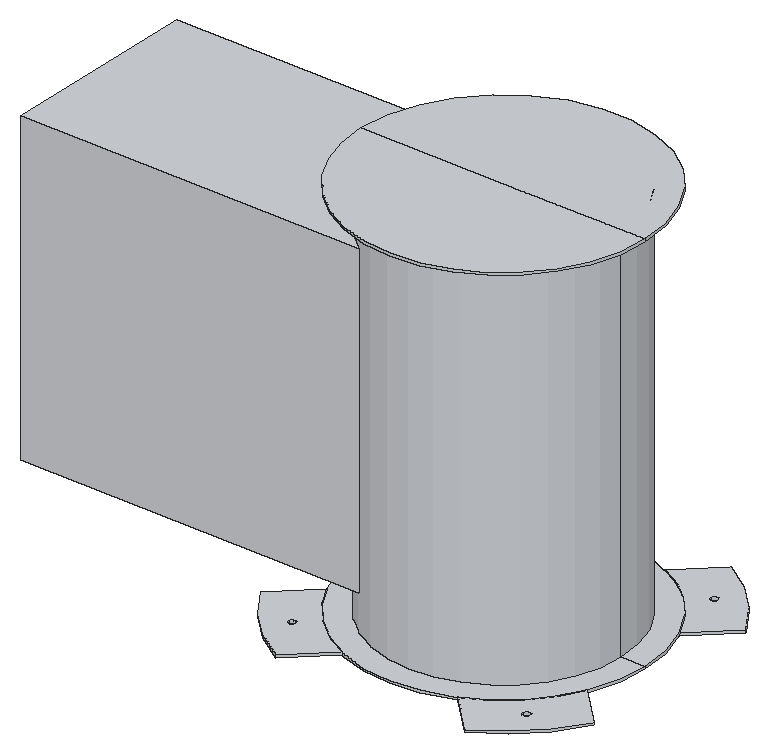
Revit family "VAB_Upblast_Floor_Mount", category Mechanical Equipment, Revit 2019
Family settings
  Round Connector Dimension = Use Radius
  Part Type = Normal
  Work Plane-Based = No
  Always vertical = Yes
  Cut with Voids When Loaded = No
  Shared = No
  Room Calculation Point = No
Parameters (values of type "12_VAB_UPBLAST_FLOOR")
  Unit Weight [instance] = ""
  ModelID [instance] = ""
  L/2 = L / 2  # 0' - 6 3/32"
  J/2 = J / 2  # 0' - 8 5/8"
  J-A = J - A  # 0' - 5 1/4"
  J = 1' - 5 1/4"
  K/2 = K / 2  # 0' - 0 3/16"
  K = 0' - 0 3/8"
  L-(C/2) = L - (C / 2)  # 0' - 5 1/2"
  L = 1' - 0 3/16"
  H-(A/2) = H - (A / 2)  # 1' - 3"
  H+L = H + L  # 2' - 9 3/16"
  H = 1' - 9"
  Sones [instance] = ""
  Motor RPM [instance] = ""
  Motor Enclosure [instance] = ""
  LwA [instance] = ""
  G = 6' - 0"
  Fan RPM [instance] = ""
  F/2 = F / 2  # 0' - 0 5/32"
  F = 0' - 0 5/16"
  E/2 = E / 2  # 0' - 10"
  E-2" = E - 0' 2"  # 1' - 6"
  E-.125" = E - 0' 0 1/8"  # 1' - 7 7/8"
  E = 1' - 8"
  C/2+L = C / 2 + L  # 1' - 6 7/8"
  C/2 = C / 2  # 0' - 6 11/16"
  C = 1' - 1 3/8"
  B/2 = B / 2  # 0' - 7 3/8"
  B = 1' - 2 3/4"
  Accessories [instance] = ""
  A/3 = A / 2.5  # 0' - 4.8"
  A/2 = A / 2  # 0' - 6"
  A = 1' - 0"
  60 = 60.00°  # constant formula
  45 = 45.00°
  30 = 30.00°  # constant formula
  3" = 0' - 3"  # constant formula
  Brake Hp [instance] = ""
  4" = 0' - 4"  # constant formula
  2' = 2' - 0"
  2" = 0' - 2"  # constant formula
  1" = 0' - 1"  # constant formula
  0 = 0' - 0"  # constant formula
  Voltage [instance] = 0 V
  URL = "www.lorencook.com"
  Type Comments = "Fixed Pitch Vane Axial Upblast Floor Mount Belt Drive Arrangement 9"  # constant formula
  Static Pressure [instance] = 0.00 in-wg
  Power [instance] = Voltage * Motor FLA * sqrt(if(Phase = 3, 3, 1))  # 0 VA
  Phase [instance] = 0
  Number of Poles [instance] = 1
  Motor Hp [instance] = "0"
  Motor FLA [instance] = 0 A
  Model = "VAB"  # constant formula
  Manufacturer = "Loren Cook Company"
  CFM [instance] = 0 CFM
  1.5 = 0' - 1 1/2"  # constant formula
  ONE EIGTH = 0' - 0 1/8"  # constant formula
  -E/2 = -E / 2  # -0' - 10"
  -(E-.25")/2 = -(E - 0' 0 1/4") / 2  # -0' - 9 7/8"
  (L/2)-1" = (L / 2) - 0' 1"  # 0' - 5 3/32"
  (J-A)/2 = (J - A) / 2  # 0' - 2 5/8"
  (J+(J-A))/2 = (J + (J / 2 - A / 2)) / 2  # 0' - 9 15/16"
  (H-(A/2))/2 = (H - (A / 2)) / 2  # 0' - 7 1/2"
  (E-.25")/2 = (E - 0' 0 1/4") / 2  # 0' - 9 7/8"
  (A+.25")/2 = (A + 0' 0 1/4") / 2  # 0' - 6 1/8"
Types (12): name | L/2 | J/2 | J-A | J | K/2 | K | L-(C/2) | L | H-(A/2) | H+L | H | G | F/2 | F | E/2 | E-2" | E-.125" | E | C/2+L | C/2 | C | B/2 | B | A/3 | A/2 | A | -E/2 | -(E-.25")/2 | (L/2)-1" | (J-A)/2 | (J+(J-A))/2 | (H-(A/2))/2 | (E-.25")/2 | (A+.25")/2
  (no name) | 0' - 6 3/32" | 0' - 8 5/8" | 0' - 5 1/4" | 1' - 5 1/4" | 0' - 0 3/16" | 0' - 0 3/8" | 0' - 5 1/2" | 1' - 0 3/16" | 1' - 3" | 2' - 9 3/16" | 1' - 9" | 6' - 0" | 0' - 0 5/32" | 0' - 0 5/16" | 0' - 10" | 1' - 6" | 1' - 7 7/8" | 1' - 8" | 1' - 6 7/8" | 0' - 6 11/16" | 1' - 1 3/8" | 0' - 7 3/8" | 1' - 2 3/4" | 0' - 4.8" | 0' - 6" | 1' - 0" | -0' - 10" | -0' - 9 7/8" | 0' - 5 3/32" | 0' - 2 5/8" | 0' - 9 15/16" | 0' - 7 1/2" | 0' - 9 7/8" | 0' - 6 1/8"
  12_VAB_UPBLAST_FLOOR | 0' - 6 3/32" | 0' - 8 5/8" | 0' - 5 1/4" | 1' - 5 1/4" | 0' - 0 3/16" | 0' - 0 3/8" | 0' - 5 1/2" | 1' - 0 3/16" | 1' - 3" | 2' - 9 3/16" | 1' - 9" | 6' - 0" | 0' - 0 5/32" | 0' - 0 5/16" | 0' - 10" | 1' - 6" | 1' - 7 7/8" | 1' - 8" | 1' - 6 7/8" | 0' - 6 11/16" | 1' - 1 3/8" | 0' - 7 3/8" | 1' - 2 3/4" | 0' - 4.8" | 0' - 6" | 1' - 0" | -0' - 10" | -0' - 9 7/8" | 0' - 5 3/32" | 0' - 2 5/8" | 0' - 9 15/16" | 0' - 7 1/2" | 0' - 9 7/8" | 0' - 6 1/8"
  14_VAB_UPBLAST_FLOOR | 0' - 6 13/16" | 0' - 9 5/8" | 0' - 5 1/4" | 1' - 7 1/4" | 0' - 0 3/16" | 0' - 0 3/8" | 0' - 5 7/8" | 1' - 1 5/8" | 1' - 5" | 3' - 1 5/8" | 2' - 0" | 6' - 0" | 0' - 0 5/32" | 0' - 0 5/16" | 0' - 11 1/2" | 1' - 9" | 1' - 10 7/8" | 1' - 11" | 1' - 9 3/8" | 0' - 7 3/4" | 1' - 3 1/2" | 0' - 8 3/8" | 1' - 4 3/4" | 0' - 5.6" | 0' - 7" | 1' - 2" | -0' - 11 1/2" | -0' - 11 3/8" | 0' - 5 13/16" | 0' - 2 5/8" | 0' - 10 15/16" | 0' - 8 1/2" | 0' - 11 3/8" | 0' - 7 1/8"
  18_VAB_UPBLAST_FLOOR | 0' - 8 7/32" | 0' - 11 5/8" | 0' - 5 1/4" | 1' - 11 1/4" | 0' - 0 3/16" | 0' - 0 3/8" | 0' - 6 9/16" | 1' - 4 7/16" | 1' - 6 1/4" | 3' - 7 11/16" | 2' - 3 1/4" | 12' - 0" | 0' - 0 7/32" | 0' - 0 7/16" | 1' - 2 1/2" | 2' - 3" | 2' - 4 7/8" | 2' - 5" | 2' - 2 5/16" | 0' - 9 7/8" | 1' - 7 3/4" | 0' - 10 5/8" | 1' - 9 1/4" | 0' - 7.2" | 0' - 9" | 1' - 6" | -1' - 2 1/2" | -1' - 2 3/8" | 0' - 7 7/32" | 0' - 2 5/8" | 1' - 0 15/16" | 0' - 9 1/8" | 1' - 2 3/8" | 0' - 9 1/8"
  21_VAB_UPBLAST_FLOOR | 0' - 9 9/32" | 1' - 1 1/8" | 0' - 5 1/4" | 2' - 2 1/4" | 0' - 0 3/16" | 0' - 0 3/8" | 0' - 7 3/16" | 1' - 6 9/16" | 1' - 9" | 4' - 2 1/16" | 2' - 7 1/2" | 12' - 0" | 0' - 0 7/32" | 0' - 0 7/16" | 1' - 3 1/2" | 2' - 5" | 2' - 6 7/8" | 2' - 7" | 2' - 5 15/16" | 0' - 11 3/8" | 1' - 10 3/4" | 1' - 0 1/8" | 2' - 0 1/4" | 0' - 8.4" | 0' - 10 1/2" | 1' - 9" | -1' - 3 1/2" | -1' - 3 3/8" | 0' - 8 9/32" | 0' - 2 5/8" | 1' - 2 7/16" | 0' - 10 1/2" | 1' - 3 3/8" | 0' - 10 5/8"
  26_VAB_UPBLAST_FLOOR | 0' - 11 3/32" | 1' - 3 11/16" | 0' - 5 3/8" | 2' - 7 3/8" | 0' - 0 3/16" | 0' - 0 3/8" | 0' - 8 3/16" | 1' - 10 3/16" | 1' - 9 1/2" | 4' - 8 11/16" | 2' - 10 1/2" | 12' - 0" | 0' - 0 7/32" | 0' - 0 7/16" | 1' - 4" | 2' - 6" | 2' - 7 7/8" | 2' - 8" | 3' - 0 3/16" | 1' - 2" | 2' - 4" | 1' - 3 5/32" | 2' - 6 5/16" | 0' - 10.4" | 1' - 1" | 2' - 2" | -1' - 4" | -1' - 3 7/8" | 0' - 10 3/32" | 0' - 2 11/16" | 1' - 5 1/32" | 0' - 10 3/4" | 1' - 3 7/8" | 1' - 1 1/8"
  29_VAB_UPBLAST_FLOOR | 1' - 0 1/2" | 1' - 5 11/16" | 0' - 6 3/8" | 2' - 11 3/8" | 0' - 0 7/32" | 0' - 0 7/16" | 0' - 9 1/2" | 2' - 1" | 2' - 2" | 5' - 5 1/2" | 3' - 4 1/2" | 12' - 0" | 0' - 0 7/32" | 0' - 0 7/16" | 1' - 6" | 2' - 10" | 2' - 11 7/8" | 3' - 0" | 3' - 4 1/2" | 1' - 3 1/2" | 2' - 7" | 1' - 4 21/32" | 2' - 9 5/16" | 0' - 11.6" | 1' - 2 1/2" | 2' - 5" | -1' - 6" | -1' - 5 7/8" | 0' - 11 1/2" | 0' - 3 3/16" | 1' - 7 9/32" | 1' - 1" | 1' - 5 7/8" | 1' - 2 5/8"
  36_VAB_UPBLAST_FLOOR | 1' - 3 11/32" | 1' - 9 11/16" | 0' - 7 3/8" | 3' - 7 3/8" | 0' - 0 7/32" | 0' - 0 7/16" | 0' - 11 11/16" | 2' - 6 11/16" | 2' - 3 1/2" | 6' - 4 3/16" | 3' - 9 1/2" | 16' - 0" | 0' - 0 9/32" | 0' - 0 9/16" | 1' - 9" | 3' - 4" | 3' - 5 7/8" | 3' - 6" | 4' - 1 11/16" | 1' - 7" | 3' - 2" | 1' - 8 5/32" | 3' - 4 5/16" | 1' - 2.4" | 1' - 6" | 3' - 0" | -1' - 9" | -1' - 8 7/8" | 1' - 2 11/32" | 0' - 3 11/16" | 1' - 11 17/32" | 1' - 1 3/4" | 1' - 8 7/8" | 1' - 6 1/8"
  42_VAB_UPBLAST_FLOOR | 1' - 5 3/32" | 2' - 0 3/16" | 0' - 6 3/8" | 4' - 0 3/8" | 0' - 0 7/32" | 0' - 0 7/16" | 1' - 0" | 2' - 10 3/16" | 2' - 5 1/2" | 7' - 0 11/16" | 4' - 2 1/2" | 16' - 0" | 0' - 0 9/32" | 0' - 0 9/16" | 2' - 1" | 4' - 0" | 4' - 1 7/8" | 4' - 2" | 4' - 8 3/8" | 1' - 10 3/16" | 3' - 8 3/8" | 1' - 10 21/32" | 3' - 9 5/16" | 1' - 4.8" | 1' - 9" | 3' - 6" | -2' - 1" | -2' - 0 7/8" | 1' - 4 3/32" | 0' - 3 3/16" | 2' - 1 25/32" | 1' - 2 3/4" | 2' - 0 7/8" | 1' - 9 1/8"
  48_VAB_UPBLAST_FLOOR | 1' - 7 15/16" | 2' - 4 3/16" | 0' - 8 3/8" | 4' - 8 3/8" | 0' - 0 7/32" | 0' - 0 7/16" | 1' - 2 5/8" | 3' - 3 7/8" | 2' - 6" | 7' - 9 7/8" | 4' - 6" | 16' - 0" | 0' - 0 9/32" | 0' - 0 9/16" | 2' - 4" | 4' - 6" | 4' - 7 7/8" | 4' - 8" | 5' - 5 1/8" | 2' - 1 1/4" | 4' - 2 1/2" | 2' - 2 19/32" | 4' - 5 3/16" | 1' - 7.2" | 2' - 0" | 4' - 0" | -2' - 4" | -2' - 3 7/8" | 1' - 6 15/16" | 0' - 4 3/16" | 2' - 6 9/32" | 1' - 3" | 2' - 3 7/8" | 2' - 0 1/8"
  54_VAB_UPBLAST_FLOOR | 1' - 10 3/32" | 2' - 7 1/4" | 0' - 8 1/2" | 5' - 2 1/2" | 0' - 0 7/32" | 0' - 0 7/16" | 1' - 3 15/16" | 3' - 8 3/16" | 2' - 8 1/2" | 8' - 7 11/16" | 4' - 11 1/2" | 16' - 0" | 0' - 0 9/32" | 0' - 0 9/16" | 2' - 7" | 5' - 0" | 5' - 1 7/8" | 5' - 2" | 6' - 0 7/16" | 2' - 4 1/4" | 4' - 8 1/2" | 2' - 5 23/32" | 4' - 11 7/16" | 1' - 9.6" | 2' - 3" | 4' - 6" | -2' - 7" | -2' - 6 7/8" | 1' - 9 3/32" | 0' - 4 1/4" | 2' - 9 3/8" | 1' - 4 1/4" | 2' - 6 7/8" | 2' - 3 1/8"
  60_VAB_UPBLAST_FLOOR | 2' - 0 7/32" | 2' - 10 1/4" | 0' - 8 1/2" | 5' - 8 1/2" | 0' - 0 7/32" | 0' - 0 7/16" | 1' - 4 13/16" | 4' - 0 7/16" | 2' - 11" | 9' - 5 7/16" | 5' - 5" | 16' - 0" | 0' - 0 9/32" | 0' - 0 9/16" | 2' - 10 1/2" | 5' - 7" | 5' - 8 7/8" | 5' - 9" | 6' - 8 1/16" | 2' - 7 5/8" | 5' - 3 1/4" | 2' - 8 23/32" | 5' - 5 7/16" | 2' - 0" | 2' - 6" | 5' - 0" | -2' - 10 1/2" | -2' - 10 3/8" | 1' - 11 7/32" | 0' - 4 1/4" | 3' - 0 3/8" | 1' - 5 1/2" | 2' - 10 3/8" | 2' - 6 1/8"
Reference planes (in)
  plane 1 "Center (Front/Back)": y = 0
  plane 2: z = 0
  plane 3 "Center (Left/Right)": x = 0.40541
Forms (in)
  Revolve 1, solid
    sketch origin (0, 0, 0) x (1, 0, 0) y (0, 0, 1)
      loop
        line (0.40541, 0) -> (7.78041, 0) -> (7.78041, 0.125) -> (6.53041, 0.125) -> (6.53041, 19.875) -> (7.78041, 19.875) -> (7.78041, 20) -> (0.40541, 20) -> (0.40541, 0)
      axis (0.40541, 20) -> (0.40541, 0)
    angle from 0 to 360
  Extrusion 2, solid
    sketch origin (0, 0, 0) x (1, 0, 0) y (0, 1, 0)
      loop
        line (-2.99596, 5.09375) -> (-20.59459, 5.09375) -> (-20.59459, -5.09375) -> (-2.99596, -5.09375)
        arc (-2.99596, -5.09375) -> (-5.71959, 0) -> (-2.99596, 5.09375) r 6.125
    from 2 to 18 <- "E-2""
  Extrusion 3, solid
    sketch origin (0, 0, 0) x (1, 0, 0) y (0, 1, 0)
      loop
        line (-2.61183, 6.72955) -> (-4.51572, 8.63344)
        arc (-4.51572, 8.63344) -> (-6.62146, 7.02687) -> (-8.22803, 4.92113) r 9.9375
        line (-8.22803, 4.92113) -> (-6.32414, 3.01724)
        arc (-6.32414, 3.01724) -> (-4.8095, 5.21491) -> (-2.61183, 6.72955) r 7.375
      loop
        arc (3.42265, 6.72955) -> (5.62032, 5.21491) -> (7.13496, 3.01724) r 7.375
        line (7.13496, 3.01724) -> (9.03886, 4.92113)
        arc (9.03886, 4.92113) -> (7.43229, 7.02687) -> (5.32655, 8.63344) r 9.9375
        line (5.32655, 8.63344) -> (3.42265, 6.72955)
      loop
        line (3.42265, -6.72955) -> (5.32655, -8.63344)
        arc (5.32655, -8.63344) -> (7.43229, -7.02687) -> (9.03886, -4.92113) r 9.9375
        line (9.03886, -4.92113) -> (7.13496, -3.01724)
        arc (7.13496, -3.01724) -> (5.62032, -5.21491) -> (3.42265, -6.72955) r 7.375
      loop
        arc (-2.61183, -6.72955) -> (-4.8095, -5.21491) -> (-6.32414, -3.01724) r 7.375
        line (-6.32414, -3.01724) -> (-8.22803, -4.92113)
        arc (-8.22803, -4.92113) -> (-6.62146, -7.02687) -> (-4.51572, -8.63344) r 9.9375
        line (-4.51572, -8.63344) -> (-2.61183, -6.72955)
    from 0 to 0.125
  Extrusion 4, void
    sketch origin (0, 0, 0) x (1, 0, 0) y (0, 1, 0)
      loop
        circle (6.49916, 6.09375) r 0.1875
      loop
        circle (-5.68834, 6.09375) r 0.1875
      loop
        circle (-5.68834, -6.09375) r 0.1875
      loop
        circle (6.49916, -6.09375) r 0.1875
    from 0 to 20 <- "E"
Cuts and joins
  Extrusion 4 cuts Revolve 1
  Extrusion 4 cuts Extrusion 2
  Extrusion 4 cuts Extrusion 3
Dimensions and locks (in)
  "0": Revolve 1 sketch curve to plane 3 "Center (Left/Right)"  (x2)
  "E": Revolve 1 sketch curve to Revolve 1 sketch curve
  "0": Revolve 1 sketch curve to level
  "ONE EIGTH": Revolve 1 sketch curve to Revolve 1 sketch curve  (x2)
  "(A+.25")/2": Revolve 1 sketch curve to Revolve 1 sketch curve
  "B/2": Revolve 1 sketch curve to Revolve 1 sketch curve  (x2)
  "(L/2)-1"": plane 1 "Center (Front/Back)" to Extrusion 2 sketch curve
  "(L/2)-1"": Extrusion 2 sketch curve to plane 1 "Center (Front/Back)"
  "H": Extrusion 2 sketch curve to plane 3 "Center (Left/Right)"
  "0": Extrusion 2 sketch curve to plane 3 "Center (Left/Right)"
  "0": Extrusion 2 sketch curve to plane 1 "Center (Front/Back)"
  "(J-A)/2": plane 3 "Center (Left/Right)" to Extrusion 3 sketch curve  (x4)
  "(J-A)/2": Extrusion 3 sketch curve to plane 3 "Center (Left/Right)"  (x3)
  "0": Extrusion 3 sketch curve to plane 3 "Center (Left/Right)"  (x6)
  "0": Extrusion 3 sketch curve to plane 1 "Center (Front/Back)"  (x7)
  "0": plane 1 "Center (Front/Back)" to Extrusion 3 sketch curve
  "0": plane 3 "Center (Left/Right)" to Extrusion 3 sketch curve  (x2)
  "J-A": Extrusion 3 sketch curve to Extrusion 3 sketch curve
  "L/2": plane 3 "Center (Left/Right)" to Extrusion 4 sketch curve  (x4)
  "L/2": plane 1 "Center (Front/Back)" to Extrusion 4 sketch curve  (x4)
  "(A+.25")/2": radius of Extrusion 2 sketch curve
  "B/2": radius of Extrusion 3 sketch curve  (x4)
  "(J+(J-A))/2": radius of Extrusion 3 sketch curve  (x4)
  "K/2": radius of Extrusion 4 sketch curve  (x4)
  "45": angle plane 3 "Center (Left/Right)" to Extrusion 3 sketch curve  (x2)
  "45": angle Extrusion 3 sketch curve to plane 1 "Center (Front/Back)"  (x2)
  "45": angle Extrusion 3 sketch curve to plane 3 "Center (Left/Right)"  (x2)
  "45": angle plane 1 "Center (Front/Back)" to Extrusion 3 sketch curve  (x2)
Automatic sketch dimensions
  Revolve 1 sketch curve to level = 0' - 0"
  Revolve 1 sketch curve to Revolve 1 sketch curve = 1' - 0"
  Extrusion 2 sketch curve to Extrusion 2 sketch curve = 0' - 0"
Connectors (in)
  electrical at (-11.79527, -5.09375, 10)
    settings: on cut or joined group of Extrusion 2, Extrusion 4, index 1, voltage 0 V, apparent load 0 VA, apparent load phase1 0 VA, apparent load phase2 0 VA, apparent load phase3 0 VA, power factor 1, load classification "Other", number of poles 1, system type 14, power factor state 1, is connector primary yes, connector utility no, sub classification motor no, connector description ""
  hvac at (0.40541, 0, 20), driven by "A/2"
    settings: on cut or joined group of Revolve 1, Extrusion 4, index 2, duct flow 0 CFM, flow factor 0, pres drop 0.00 in-wg, loss coef 0, conn angle 0.00°, conn width 12", conn height 12", conn diameter 12", duct sys type 29, conn prof type 0, flow config 0, flow direction 2, loss method 0, conn ref index -1, conn util no, is conn primary yes, conn desc ""
  hvac at (0.40541, 0, 0.125), driven by "A/2"
    settings: on cut or joined group of Revolve 1, Extrusion 4, index 3, duct flow 0 CFM, flow factor 0, pres drop 0.00 in-wg, loss coef 0, conn angle 0.00°, conn width 12", conn height 12", conn diameter 12", duct sys type 29, conn prof type 0, flow config 0, flow direction 1, loss method 0, conn ref index -1, conn util no, is conn primary no, conn desc ""
